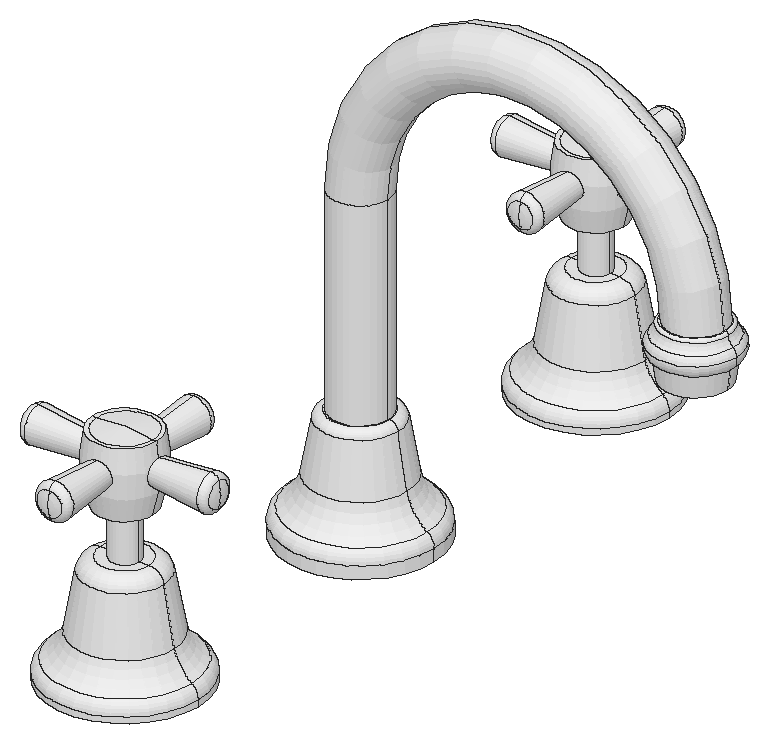
Revit family "Classic-cross-bsn-set-HWC-631240C5A", category Plumbing Fixtures, host Face, Revit 2015
Parameters
  Waste Connection = no
  Vent Connection = no
  URL = "https://www.caroma.com.au/"
  Model = "631240C5A"
  Material_Spout = GWA_Metal-Chrome
  Material_Handle = GWA_Metal-Chrome
  Manufacturer = "GWA Bathrooms & Kitchens"  # constant formula
  HW Connection = yes
  Description = "Classic-cross-bsn-set-HWC\r\nClassic-classic-cross-bsn-set-HWC\r\nClassic-classic-cross-bsn-set-HWC"
  Default Elevation = 900 mm
  CreatedBy_ANZRS = "GWA Bathrooms & Kitchens"  # constant formula
  CW Connection = yes
  Assembly Code = "C1030220"
Reference planes
  plane 1 "Center (Front/Back)": y = 0
  plane 2: z = 0
  plane 3 "Center (Left/Right)": x = 0
  plane 4 "Right": y = 100.027
  plane 5 "Left": y = -100
Forms (mm)
  Revolve 1, solid, material "GWA_Metal-Chrome" <- "Material_Spout"
    sketch origin (0, 0, 0) x (1, 0, 0) y (0, 0, 1)
      loop
        line (0, 38) -> (-9.983, 38)
        arc (-9.983, 38) -> (-11.911, 37.298) -> (-12.937, 35.521) r 3
        line (-12.937, 35.521) -> (-15.957, 18.395)
        arc (-15.957, 18.395) -> (-18.261, 12.66) -> (-22.682, 8.341) r 15
        arc (-22.682, 8.341) -> (-24.382, 6.528) -> (-25, 4.121) r 5
        line (-25, 4.121) -> (-25, 0) -> (0, 0) -> (0, 38)
      axis (0, 38) -> (0, 0)
    angle from 0 to 360
  Sweep 2, solid, material "GWA_Metal-Chrome" <- "Material_Spout"
    path origin (0, 0, 0) x (1, 0, 0) y (0, 0, 1)
      loop
        line (0, 38) -> (0, 104.975)
        arc (0, 104.975) -> (56.987, 161.962) -> (113.975, 104.975) r 56.987
    profile origin (0, 0, 71.487) x (-1, 0, 0) y (0, -1, 0)
      loop
        circle (0, 0) r 9.5
  Revolve 3, solid, material "GWA_Metal-Chrome" <- "Material_Spout"
    sketch origin (0, 0, 0) x (1, 0, 0) y (0, 0, 1)
      loop
        line (113.975, 104.975) -> (103.903, 104.975)
        arc (103.903, 104.975) -> (103.258, 104.739) -> (102.917, 104.144) r 1
        arc (102.917, 104.144) -> (102.345, 102.424) -> (101.287, 100.954) r 6
        arc (101.287, 100.954) -> (100.473, 99.812) -> (100.05, 98.474) r 4.5
        arc (100.05, 98.474) -> (100.157, 96.625) -> (101, 94.975) r 4.5
        line (101, 94.975) -> (102.169, 94.975) -> (103.237, 87.375) -> (113.975, 87.375) -> (113.975, 104.975)
      axis (113.975, 104.975) -> (113.975, 87.375)
    angle from 0 to 360
  Revolve 4, solid, material "GWA_Metal-Chrome" <- "Material_Handle"
    sketch origin (-299.999, 100.027, 0) x (-1, 0, 0) y (0, 0, 1)
      loop
        line (-299.999, 0) -> (-274.999, 0) -> (-274.999, 1.96)
        arc (-274.999, 1.96) -> (-275.601, 4.338) -> (-277.261, 6.143) r 5
        arc (-277.261, 6.143) -> (-281.105, 9.771) -> (-283.451, 14.506) r 15
        line (-283.451, 14.506) -> (-286.814, 32.872)
        arc (-286.814, 32.872) -> (-288.532, 35.823) -> (-291.738, 37) r 5.035
        line (-291.738, 37) -> (-299.999, 37) -> (-299.999, 0)
      axis (-299.999, 37) -> (-299.999, 0)
    angle from 0 to 360
  Extrusion 5, solid, material "GWA_Metal-Chrome" <- "Material_Handle"
    sketch origin (-299.999, 100, 0) x (1, 0, 0) y (0, 1, 0)
      loop
        circle (299.999, 0) r 4.75
    from 9.603 to 56.677
  Revolve 6, solid, material "GWA_Metal-Chrome" <- "Material_Handle"
    sketch origin (-299.999, 100.027, 0) x (-1, 0, 0) y (0, 0, 1)
      loop
        line (-299.999, 76.5) -> (-299.999, 52.8) -> (-290.499, 52.8)
        arc (-290.499, 52.8) -> (-288.062, 64.19) -> (-289.01, 75.8) r 40
        line (-289.01, 75.8) -> (-290.374, 75.8)
        arc (-290.374, 75.8) -> (-295.174, 76.325) -> (-299.999, 76.5) r 66.537
      axis (-299.999, 76.5) -> (-299.999, 52.8)
    angle from 0 to 360
  Revolve 7, solid, material "GWA_Metal-Chrome" <- "Material_Handle"
    sketch origin (-299.999, 100.027, 0) x (-1, 0, 0) y (0, 0, 1)
      loop
        line (-309.999, 71.091) -> (-329.28, 72.79)
        arc (-329.28, 72.79) -> (-330.91, 72.363) -> (-331.899, 70.999) r 2.5
        arc (-331.899, 70.999) -> (-332.349, 68.921) -> (-332.499, 66.799) r 15
        line (-332.499, 66.799) -> (-309.999, 66.799) -> (-309.999, 71.091)
      axis (-309.999, 66.799) -> (-332.499, 66.799)
    angle from 0 to 360
  Revolve 8, solid, material "GWA_Metal-Chrome" <- "Material_Handle"
    sketch origin (0, -100, 0) x (0, 1, 0) y (0, 0, 1)
      loop
        line (210, 71.091) -> (210, 66.799) -> (232.5, 66.799)
        arc (232.5, 66.799) -> (232.349, 68.921) -> (231.9, 70.999) r 15
        arc (231.9, 70.999) -> (230.911, 72.363) -> (229.281, 72.79) r 2.5
        line (229.281, 72.79) -> (210, 71.091)
      axis (210, 66.799) -> (232.5, 66.799)
    angle from 0 to 360
  Revolve 9, solid, material "GWA_Metal-Chrome" <- "Material_Handle"
    sketch origin (200, 100, 0) x (-1, 0, 0) y (0, 0, 1)
      loop
        line (210, 71.091) -> (210, 66.799) -> (232.5, 66.799)
        arc (232.5, 66.799) -> (232.349, 68.921) -> (231.9, 70.999) r 15
        arc (231.9, 70.999) -> (230.911, 72.363) -> (229.281, 72.79) r 2.5
        line (229.281, 72.79) -> (210, 71.091)
      axis (210, 66.799) -> (232.5, 66.799)
    angle from 0 to 360
  Revolve 10, solid, material "GWA_Metal-Chrome" <- "Material_Handle"
    sketch origin (0, 300, 0) x (0, -1, 0) y (0, 0, 1)
      loop
        line (210, 71.091) -> (210, 66.799) -> (232.5, 66.799)
        arc (232.5, 66.799) -> (232.349, 68.921) -> (231.9, 70.999) r 15
        arc (231.9, 70.999) -> (230.911, 72.363) -> (229.281, 72.79) r 2.5
        line (229.281, 72.79) -> (210, 71.091)
      axis (210, 66.799) -> (232.5, 66.799)
    angle from 0 to 360
  Revolve 11, solid, material "GWA_Metal-Chrome" <- "Material_Handle"
    sketch origin (-299.999, -99.973, 0) x (-1, 0, 0) y (0, 0, 1)
      loop
        line (-299.999, 0) -> (-274.999, 0) -> (-274.999, 1.96)
        arc (-274.999, 1.96) -> (-275.601, 4.338) -> (-277.261, 6.143) r 5
        arc (-277.261, 6.143) -> (-281.105, 9.771) -> (-283.451, 14.506) r 15
        line (-283.451, 14.506) -> (-286.814, 32.872)
        arc (-286.814, 32.872) -> (-288.532, 35.823) -> (-291.738, 37) r 5.035
        line (-291.738, 37) -> (-299.999, 37) -> (-299.999, 0)
      axis (-299.999, 37) -> (-299.999, 0)
    angle from 0 to 360
  Extrusion 12, solid, material "GWA_Metal-Chrome" <- "Material_Handle"
    sketch origin (-299.999, -100, 0) x (1, 0, 0) y (0, 1, 0)
      loop
        circle (299.999, 0) r 4.75
    from 9.603 to 56.677
  Revolve 13, solid, material "GWA_Metal-Chrome" <- "Material_Handle"
    sketch origin (-299.999, -99.973, 0) x (-1, 0, 0) y (0, 0, 1)
      loop
        line (-299.999, 76.5) -> (-299.999, 52.8) -> (-290.499, 52.8)
        arc (-290.499, 52.8) -> (-288.062, 64.19) -> (-289.01, 75.8) r 40
        line (-289.01, 75.8) -> (-290.374, 75.8)
        arc (-290.374, 75.8) -> (-295.174, 76.325) -> (-299.999, 76.5) r 66.537
      axis (-299.999, 76.5) -> (-299.999, 52.8)
    angle from 0 to 360
  Revolve 14, solid, material "GWA_Metal-Chrome" <- "Material_Handle"
    sketch origin (-299.999, -99.973, 0) x (-1, 0, 0) y (0, 0, 1)
      loop
        line (-309.999, 71.091) -> (-329.28, 72.79)
        arc (-329.28, 72.79) -> (-330.91, 72.363) -> (-331.899, 70.999) r 2.5
        arc (-331.899, 70.999) -> (-332.349, 68.921) -> (-332.499, 66.799) r 15
        line (-332.499, 66.799) -> (-309.999, 66.799) -> (-309.999, 71.091)
      axis (-309.999, 66.799) -> (-332.499, 66.799)
    angle from 0 to 360
  Revolve 15, solid, material "GWA_Metal-Chrome" <- "Material_Handle"
    sketch origin (0, -300, 0) x (0, 1, 0) y (0, 0, 1)
      loop
        line (210, 71.091) -> (210, 66.799) -> (232.5, 66.799)
        arc (232.5, 66.799) -> (232.349, 68.921) -> (231.9, 70.999) r 15
        arc (231.9, 70.999) -> (230.911, 72.363) -> (229.281, 72.79) r 2.5
        line (229.281, 72.79) -> (210, 71.091)
      axis (210, 66.799) -> (232.5, 66.799)
    angle from 0 to 360
  Revolve 16, solid, material "GWA_Metal-Chrome" <- "Material_Handle"
    sketch origin (200, -100, 0) x (-1, 0, 0) y (0, 0, 1)
      loop
        line (210, 71.091) -> (210, 66.799) -> (232.5, 66.799)
        arc (232.5, 66.799) -> (232.349, 68.921) -> (231.9, 70.999) r 15
        arc (231.9, 70.999) -> (230.911, 72.363) -> (229.281, 72.79) r 2.5
        line (229.281, 72.79) -> (210, 71.091)
      axis (210, 66.799) -> (232.5, 66.799)
    angle from 0 to 360
  Revolve 17, solid, material "GWA_Metal-Chrome" <- "Material_Handle"
    sketch origin (0, 100, 0) x (0, -1, 0) y (0, 0, 1)
      loop
        line (210, 71.091) -> (210, 66.799) -> (232.5, 66.799)
        arc (232.5, 66.799) -> (232.349, 68.921) -> (231.9, 70.999) r 15
        arc (231.9, 70.999) -> (230.911, 72.363) -> (229.281, 72.79) r 2.5
        line (229.281, 72.79) -> (210, 71.091)
      axis (210, 66.799) -> (232.5, 66.799)
    angle from 0 to 360
Lines and regions (mm)
  Masking region 1
    outline origin (0, 0, 0) x (1, 0, 0) y (0, 1, 0)
      loop
        arc (24.38, 105.559) -> (17.7, 117.683) -> (5.593, 124.394) r 25
        line (5.593, 124.394) -> (6.029, 129.273)
        arc (6.029, 129.273) -> (5.605, 130.904) -> (4.242, 131.895) r 2.5
        arc (4.242, 131.895) -> (0.043, 132.5) -> (-4.158, 131.906) r 15.001
        arc (-4.158, 131.906) -> (-5.523, 130.918) -> (-5.952, 129.289) r 2.5
        line (-5.952, 129.289) -> (-5.528, 124.408)
        arc (-5.528, 124.408) -> (-17.656, 117.727) -> (-24.367, 105.616) r 25
        line (-24.367, 105.616) -> (-29.267, 106.059)
        arc (-29.267, 106.059) -> (-30.899, 105.636) -> (-31.891, 104.275) r 2.5
        arc (-31.891, 104.275) -> (-32.501, 100.076) -> (-31.91, 95.874) r 15.001
        arc (-31.91, 95.874) -> (-30.924, 94.508) -> (-29.295, 94.078) r 2.5
        line (-29.295, 94.078) -> (-24.387, 94.499)
        arc (-24.387, 94.499) -> (-17.712, 82.358) -> (-5.597, 75.635) r 24.999
        line (-5.597, 75.635) -> (-6.036, 70.728)
        arc (-6.036, 70.728) -> (-5.613, 69.098) -> (-4.25, 68.106) r 2.5
        arc (-4.25, 68.106) -> (-0.051, 67.5) -> (4.15, 68.093) r 15.001
        arc (4.15, 68.093) -> (5.516, 69.081) -> (5.945, 70.71) r 2.5
        line (5.945, 70.71) -> (5.52, 75.618)
        arc (5.52, 75.618) -> (17.663, 82.309) -> (24.374, 94.442) r 24.999
        line (24.374, 94.442) -> (29.281, 94.01)
        arc (29.281, 94.01) -> (30.911, 94.436) -> (31.9, 95.8) r 2.5
        arc (31.9, 95.8) -> (32.5, 100) -> (31.9, 104.2) r 15.001
        arc (31.9, 104.2) -> (30.911, 105.564) -> (29.281, 105.991) r 2.5
        line (29.281, 105.991) -> (24.38, 105.559)
  Masking region 2
    outline origin (0, -200, 0) x (1, 0, 0) y (0, 1, 0)
      loop
        arc (24.38, 105.559) -> (17.7, 117.683) -> (5.593, 124.394) r 25
        line (5.593, 124.394) -> (6.029, 129.273)
        arc (6.029, 129.273) -> (5.605, 130.904) -> (4.242, 131.895) r 2.5
        arc (4.242, 131.895) -> (0.043, 132.5) -> (-4.158, 131.906) r 15.001
        arc (-4.158, 131.906) -> (-5.523, 130.918) -> (-5.952, 129.289) r 2.5
        line (-5.952, 129.289) -> (-5.528, 124.408)
        arc (-5.528, 124.408) -> (-17.656, 117.727) -> (-24.367, 105.616) r 25
        line (-24.367, 105.616) -> (-29.267, 106.059)
        arc (-29.267, 106.059) -> (-30.899, 105.636) -> (-31.891, 104.275) r 2.5
        arc (-31.891, 104.275) -> (-32.501, 100.076) -> (-31.91, 95.874) r 15.001
        arc (-31.91, 95.874) -> (-30.924, 94.508) -> (-29.295, 94.078) r 2.5
        line (-29.295, 94.078) -> (-24.387, 94.499)
        arc (-24.387, 94.499) -> (-17.712, 82.358) -> (-5.597, 75.635) r 24.999
        line (-5.597, 75.635) -> (-6.036, 70.728)
        arc (-6.036, 70.728) -> (-5.613, 69.098) -> (-4.25, 68.106) r 2.5
        arc (-4.25, 68.106) -> (-0.051, 67.5) -> (4.15, 68.093) r 15.001
        arc (4.15, 68.093) -> (5.516, 69.081) -> (5.945, 70.71) r 2.5
        line (5.945, 70.71) -> (5.52, 75.618)
        arc (5.52, 75.618) -> (17.663, 82.309) -> (24.374, 94.442) r 24.999
        line (24.374, 94.442) -> (29.281, 94.01)
        arc (29.281, 94.01) -> (30.911, 94.436) -> (31.9, 95.8) r 2.5
        arc (31.9, 95.8) -> (32.5, 100) -> (31.9, 104.2) r 15.001
        arc (31.9, 104.2) -> (30.911, 105.564) -> (29.281, 105.991) r 2.5
        line (29.281, 105.991) -> (24.38, 105.559)
  Masking region 3
    outline origin (0, 0, 0) x (1, 0, 0) y (0, 1, 0)
      loop
        line (103.717, 9.5) -> (23.125, 9.5)
        arc (23.125, 9.5) -> (-25, 0) -> (23.125, -9.5) r 25
        line (23.125, -9.5) -> (103.717, -9.5)
        arc (103.717, -9.5) -> (128, 0) -> (103.717, 9.5) r 14
  Masking region 4
    outline origin (0, 0, 0) x (0, 1, 0) y (0, 0, 1)
      loop
        arc (-90.374, 75.8) -> (-99.999, 76.5) -> (-109.624, 75.8) r 66.537
        line (-109.624, 75.8) -> (-110.99, 75.8)
        arc (-110.99, 75.8) -> (-111.446, 73.535) -> (-111.771, 71.247) r 40
        line (-111.771, 71.247) -> (-129.281, 72.79)
        arc (-129.281, 72.79) -> (-130.911, 72.363) -> (-131.901, 70.999) r 2.5
        arc (-131.901, 70.999) -> (-132.501, 66.799) -> (-131.901, 62.599) r 15
        arc (-131.901, 62.599) -> (-130.909, 61.234) -> (-129.276, 60.81) r 2.5
        line (-129.276, 60.81) -> (-111.776, 62.344)
        arc (-111.776, 62.344) -> (-110.932, 57.502) -> (-109.501, 52.8) r 40
        line (-109.501, 52.8) -> (-104.723, 52.8) -> (-104.723, 37) -> (-108.263, 37)
        arc (-108.263, 37) -> (-111.475, 35.831) -> (-113.186, 32.872) r 5
        line (-113.186, 32.872) -> (-116.549, 14.506)
        arc (-116.549, 14.506) -> (-118.896, 9.771) -> (-122.739, 6.143) r 15
        arc (-122.739, 6.143) -> (-124.399, 4.338) -> (-125.001, 1.96) r 5
        line (-125.001, 1.96) -> (-125.001, 0) -> (-74.999, 0) -> (-74.999, 1.96)
        arc (-74.999, 1.96) -> (-75.601, 4.338) -> (-77.261, 6.143) r 5
        arc (-77.261, 6.143) -> (-81.104, 9.771) -> (-83.451, 14.506) r 15
        line (-83.451, 14.506) -> (-86.814, 32.872)
        arc (-86.814, 32.872) -> (-88.525, 35.831) -> (-91.737, 37) r 5
        line (-91.737, 37) -> (-95.236, 37) -> (-95.236, 52.8) -> (-90.499, 52.8)
        arc (-90.499, 52.8) -> (-89.068, 57.502) -> (-88.224, 62.344) r 40
        line (-88.224, 62.344) -> (-70.724, 60.81)
        arc (-70.724, 60.81) -> (-69.091, 61.234) -> (-68.1, 62.599) r 2.5
        arc (-68.1, 62.599) -> (-67.499, 66.799) -> (-68.099, 70.999) r 15
        arc (-68.099, 70.999) -> (-69.089, 72.363) -> (-70.719, 72.79) r 2.5
        line (-70.719, 72.79) -> (-88.229, 71.247)
        arc (-88.229, 71.247) -> (-88.554, 73.535) -> (-89.01, 75.8) r 40
        line (-89.01, 75.8) -> (-90.374, 75.8)
  Masking region 5
    outline origin (0, 200, 0) x (0, 1, 0) y (0, 0, 1)
      loop
        arc (-90.374, 75.8) -> (-99.999, 76.5) -> (-109.624, 75.8) r 66.537
        line (-109.624, 75.8) -> (-110.99, 75.8)
        arc (-110.99, 75.8) -> (-111.446, 73.535) -> (-111.771, 71.247) r 40
        line (-111.771, 71.247) -> (-129.281, 72.79)
        arc (-129.281, 72.79) -> (-130.911, 72.363) -> (-131.901, 70.999) r 2.5
        arc (-131.901, 70.999) -> (-132.501, 66.799) -> (-131.901, 62.599) r 15
        arc (-131.901, 62.599) -> (-130.909, 61.234) -> (-129.276, 60.81) r 2.5
        line (-129.276, 60.81) -> (-111.776, 62.344)
        arc (-111.776, 62.344) -> (-110.932, 57.502) -> (-109.501, 52.8) r 40
        line (-109.501, 52.8) -> (-104.723, 52.8) -> (-104.723, 37) -> (-108.263, 37)
        arc (-108.263, 37) -> (-111.475, 35.831) -> (-113.186, 32.872) r 5
        line (-113.186, 32.872) -> (-116.549, 14.506)
        arc (-116.549, 14.506) -> (-118.896, 9.771) -> (-122.739, 6.143) r 15
        arc (-122.739, 6.143) -> (-124.399, 4.338) -> (-125.001, 1.96) r 5
        line (-125.001, 1.96) -> (-125.001, 0) -> (-74.999, 0) -> (-74.999, 1.96)
        arc (-74.999, 1.96) -> (-75.601, 4.338) -> (-77.261, 6.143) r 5
        arc (-77.261, 6.143) -> (-81.104, 9.771) -> (-83.451, 14.506) r 15
        line (-83.451, 14.506) -> (-86.814, 32.872)
        arc (-86.814, 32.872) -> (-88.525, 35.831) -> (-91.737, 37) r 5
        line (-91.737, 37) -> (-95.236, 37) -> (-95.236, 52.8) -> (-90.499, 52.8)
        arc (-90.499, 52.8) -> (-89.068, 57.502) -> (-88.224, 62.344) r 40
        line (-88.224, 62.344) -> (-70.724, 60.81)
        arc (-70.724, 60.81) -> (-69.091, 61.234) -> (-68.1, 62.599) r 2.5
        arc (-68.1, 62.599) -> (-67.499, 66.799) -> (-68.099, 70.999) r 15
        arc (-68.099, 70.999) -> (-69.089, 72.363) -> (-70.719, 72.79) r 2.5
        line (-70.719, 72.79) -> (-88.229, 71.247)
        arc (-88.229, 71.247) -> (-88.554, 73.535) -> (-89.01, 75.8) r 40
        line (-89.01, 75.8) -> (-90.374, 75.8)
  Masking region 6
    outline origin (0, 0, 0) x (0, 1, 0) y (0, 0, 1)
      loop
        line (-9.475, 104.975) -> (9.525, 104.975) -> (9.525, 162.012)
        arc (9.525, 162.012) -> (0.025, 171.512) -> (-9.475, 162.012) r 9.5
        line (-9.475, 162.012) -> (-9.475, 104.975)
  Masking region 7
    outline origin (0, 0, 0) x (0, 1, 0) y (0, 0, 1)
      loop
        arc (-10.072, 104.975) -> (-10.723, 104.734) -> (-11.06, 104.128) r 1
        arc (-11.06, 104.128) -> (-11.617, 102.409) -> (-12.685, 100.951) r 5.698
        arc (-12.685, 100.951) -> (-13.646, 99.508) -> (-13.957, 97.803) r 4.287
        arc (-13.957, 97.803) -> (-13.685, 96.311) -> (-12.967, 94.975) r 4.859
        line (-12.967, 94.975) -> (-11.806, 94.975) -> (-10.738, 87.375) -> (0, 87.375) -> (10.788, 87.375) -> (11.856, 94.975) -> (13.017, 94.975)
        arc (13.017, 94.975) -> (13.735, 96.311) -> (14.007, 97.803) r 4.859
        arc (14.007, 97.803) -> (13.696, 99.508) -> (12.735, 100.951) r 4.287
        arc (12.735, 100.951) -> (11.667, 102.409) -> (11.11, 104.128) r 5.698
        arc (11.11, 104.128) -> (10.773, 104.734) -> (10.122, 104.975) r 1
        line (10.122, 104.975) -> (-10.072, 104.975)
  Masking region 8
    outline origin (0, 0, 0) x (0, 1, 0) y (0, 0, 1)
      loop
        line (-9.525, 87.375) -> (-9.525, 38) -> (9.5, 38) -> (9.5, 87.375) -> (-9.525, 87.375)
  Masking region 9
    outline origin (0, 0, 0) x (0, 1, 0) y (0, 0, 1)
      loop
        arc (-9.983, 38) -> (-11.911, 37.298) -> (-12.937, 35.521) r 3
        line (-12.937, 35.521) -> (-15.957, 18.395)
        arc (-15.957, 18.395) -> (-18.261, 12.66) -> (-22.682, 8.341) r 15
        arc (-22.682, 8.341) -> (-24.382, 6.528) -> (-25, 4.121) r 5
        line (-25, 4.121) -> (-25, 0) -> (25, 0) -> (25, 4.121)
        arc (25, 4.121) -> (24.382, 6.528) -> (22.682, 8.341) r 5
        arc (22.682, 8.341) -> (18.261, 12.66) -> (15.957, 18.395) r 15
        line (15.957, 18.395) -> (12.937, 35.521)
        arc (12.937, 35.521) -> (11.911, 37.298) -> (9.983, 38) r 3
        line (9.983, 38) -> (-9.983, 38)
  Masking region 10
    outline origin (146.597, 0, 0) x (1, 0, 0) y (0, 0, 1)
      loop
        line (-156.072, 105.025) -> (-156.094, 75.8) -> (-137.072, 75.8) -> (-137.072, 104.975)
        arc (-137.072, 104.975) -> (-89.597, 152.45) -> (-42.122, 104.975) r 47.475
        line (-42.122, 104.975) -> (-23.122, 104.975)
        arc (-23.122, 104.975) -> (-89.572, 171.45) -> (-156.072, 105.025) r 66.475
  Masking region 11
    outline origin (146.597, 0, 0) x (1, 0, 0) y (0, 0, 1)
      loop
        line (-21.834, 87.375) -> (-20.766, 94.975) -> (-19.612, 94.975)
        arc (-19.612, 94.975) -> (-18.861, 96.302) -> (-18.597, 97.803) r 4.5
        arc (-18.597, 97.803) -> (-18.931, 99.505) -> (-19.884, 100.954) r 4.5
        arc (-19.884, 100.954) -> (-20.943, 102.424) -> (-21.514, 104.144) r 6
        arc (-21.514, 104.144) -> (-21.855, 104.739) -> (-22.5, 104.975) r 1
        line (-22.5, 104.975) -> (-42.695, 104.975)
        arc (-42.695, 104.975) -> (-43.339, 104.739) -> (-43.68, 104.144) r 1
        arc (-43.68, 104.144) -> (-44.252, 102.424) -> (-45.31, 100.954) r 6
        arc (-45.31, 100.954) -> (-46.263, 99.505) -> (-46.597, 97.803) r 4.5
        arc (-46.597, 97.803) -> (-46.333, 96.302) -> (-45.583, 94.975) r 4.5
        line (-45.583, 94.975) -> (-44.428, 94.975) -> (-43.36, 87.375) -> (-21.834, 87.375)
  Masking region 12
    outline origin (-153.403, 0, 0) x (1, 0, 0) y (0, 0, 1)
      loop
        arc (142.413, 75.8) -> (141.957, 73.535) -> (141.632, 71.247) r 40
        line (141.632, 71.247) -> (124.121, 72.79)
        arc (124.121, 72.79) -> (122.491, 72.363) -> (121.502, 70.999) r 2.5
        arc (121.502, 70.999) -> (121.053, 68.921) -> (120.902, 66.799) r 15
        arc (120.902, 66.799) -> (121.053, 64.678) -> (121.502, 62.599) r 15
        arc (121.502, 62.599) -> (122.491, 61.235) -> (124.121, 60.809) r 2.5
        line (124.121, 60.809) -> (141.627, 62.351)
        arc (141.627, 62.351) -> (142.47, 57.506) -> (143.902, 52.8) r 40
        line (143.902, 52.8) -> (148.652, 52.8) -> (148.652, 37) -> (145.141, 37)
        arc (145.141, 37) -> (141.928, 35.831) -> (140.217, 32.872) r 5
        line (140.217, 32.872) -> (136.854, 14.506)
        arc (136.854, 14.506) -> (134.507, 9.771) -> (130.664, 6.143) r 15
        arc (130.664, 6.143) -> (129.004, 4.338) -> (128.402, 1.96) r 5
        line (128.402, 1.96) -> (128.402, 0) -> (178.403, 0) -> (178.403, 1.96)
        arc (178.403, 1.96) -> (177.801, 4.338) -> (176.141, 6.143) r 5
        arc (176.141, 6.143) -> (172.298, 9.771) -> (169.951, 14.506) r 15
        line (169.951, 14.506) -> (166.588, 32.872)
        arc (166.588, 32.872) -> (164.877, 35.831) -> (161.665, 37) r 5
        line (161.665, 37) -> (158.152, 37) -> (158.152, 52.8) -> (162.904, 52.8)
        arc (162.904, 52.8) -> (164.336, 57.506) -> (165.179, 62.352) r 40
        line (165.179, 62.352) -> (182.684, 60.809)
        arc (182.684, 60.809) -> (184.314, 61.235) -> (185.303, 62.599) r 2.5
        arc (185.303, 62.599) -> (185.753, 64.678) -> (185.903, 66.799) r 15
        arc (185.903, 66.799) -> (185.753, 68.921) -> (185.303, 70.999) r 15
        arc (185.303, 70.999) -> (184.314, 72.363) -> (182.684, 72.79) r 2.5
        line (182.684, 72.79) -> (165.173, 71.247)
        arc (165.173, 71.247) -> (164.849, 73.535) -> (164.393, 75.8) r 40
        arc (164.393, 75.8) -> (153.403, 76.5) -> (142.413, 75.8) r 86.637
  Masking region 13
    outline origin (0, 0, 0) x (1, 0, 0) y (0, 0, 1)
      loop
        line (9.501, 52.8) -> (-9.525, 52.8) -> (-9.525, 38) -> (9.501, 38) -> (9.501, 52.8)
  Masking region 14
    outline origin (0, 0, 0) x (1, 0, 0) y (0, 0, 1)
      loop
        line (-4.75, 37) -> (-4.75, 38) -> (-9.983, 38)
        arc (-9.983, 38) -> (-11.911, 37.298) -> (-12.937, 35.521) r 3
        line (-12.937, 35.521) -> (-15.957, 18.395)
        arc (-15.957, 18.395) -> (-18.261, 12.66) -> (-22.682, 8.341) r 15
        arc (-22.682, 8.341) -> (-24.382, 6.528) -> (-25, 4.121) r 5
        line (-25, 4.121) -> (-25, 1.902)
        arc (-25, 1.902) -> (-24.412, 4.312) -> (-22.738, 6.143) r 5
        arc (-22.738, 6.143) -> (-18.895, 9.771) -> (-16.549, 14.506) r 15
        line (-16.549, 14.506) -> (-13.186, 32.872)
        arc (-13.186, 32.872) -> (-11.475, 35.831) -> (-8.262, 37) r 5
        line (-8.262, 37) -> (-4.75, 37)
  Masking region 15
    outline origin (0, 0, 0) x (-1, 0, 0) y (0, 0, 1)
      loop
        line (-4.75, 37) -> (-4.75, 38) -> (-9.983, 38)
        arc (-9.983, 38) -> (-11.911, 37.298) -> (-12.937, 35.521) r 3
        line (-12.937, 35.521) -> (-15.957, 18.395)
        arc (-15.957, 18.395) -> (-18.261, 12.66) -> (-22.682, 8.341) r 15
        arc (-22.682, 8.341) -> (-24.382, 6.528) -> (-25, 4.121) r 5
        line (-25, 4.121) -> (-25, 1.902)
        arc (-25, 1.902) -> (-24.412, 4.312) -> (-22.738, 6.143) r 5
        arc (-22.738, 6.143) -> (-18.895, 9.771) -> (-16.549, 14.506) r 15
        line (-16.549, 14.506) -> (-13.186, 32.872)
        arc (-13.186, 32.872) -> (-11.475, 35.831) -> (-8.262, 37) r 5
        line (-8.262, 37) -> (-4.75, 37)
  symbolic lines
    curve 1: arc (12.821, -9.5, 0) -> (-15.957, 0, 0) -> (12.821, 9.5, 0) r 15.957
    curve 2: arc (20.597, 9.5, 0) -> (-22.682, 0, 0) -> (20.597, -9.5, 0) r 22.682
    curve 3: arc (23.125, 9.5, 0) -> (-25, 0, 0) -> (23.125, -9.5, 0) r 25
    curve 4: arc (0, 9.5, 0) -> (-9.5, 0, 0) -> (0, -9.5, 0) r 9.5
    curve 5: arc (113.31, 9.5, 0) -> (123.525, 0, 0) -> (113.311, -9.5, 0) r 9.525
    curve 6: arc (105.552, 9.5, 0) -> (126.713, 0, 0) -> (105.552, -9.5, 0) r 12.713
    curve 7: arc (103.717, 9.5, 0) -> (128, 0, 0) -> (103.717, -9.5, 0) r 14
    curve 8: line (113.311, -9.5, 0) -> (0, -9.5, 0)
    curve 9: line (0, 9.5, 0) -> (113.31, 9.5, 0)
    curve 10: circle (-0.001, 100, 0) r 9.625 normal (0, 0, 1)
    curve 11: circle (-0.001, 100, 0) r 10.989 normal (0, 0, 1)
    curve 12: circle (-0.001, 100, 0) r 11.937 normal (0, 0, 1)
    curve 13: arc (-4.486, 112.399, 0) -> (-9.307, 109.341, 0) -> (-12.383, 104.532, 0) r 13.186
    curve 14: arc (-5.328, 122.104, 0) -> (-16.048, 116.107, 0) -> (-22.085, 105.409, 0) r 22.737
    curve 15: arc (-5.526, 124.381, 0) -> (-17.645, 117.71, 0) -> (-24.361, 105.615, 0) r 24.999
    curve 16: line (11.101, 104.389, 0) -> (29.281, 105.991, 0)
    curve 17: arc (31.9, 104.2, 0) -> (32.5, 100, 0) -> (31.9, 95.8, 0) r 15.001
    curve 18: arc (29.281, 105.991, 0) -> (30.911, 105.564, 0) -> (31.9, 104.2, 0) r 2.5
    curve 19: arc (29.281, 94.01, 0) -> (30.911, 94.436, 0) -> (31.9, 95.8, 0) r 2.5
    curve 20: line (29.281, 94.01, 0) -> (11.101, 95.611, 0)
    curve 21: line (-4.374, 111.107, 0) -> (-5.952, 129.289, 0)
    curve 22: arc (-4.158, 131.906, 0) -> (0.043, 132.5, 0) -> (4.242, 131.895, 0) r 15.001
    curve 23: arc (-5.952, 129.289, 0) -> (-5.523, 130.918, 0) -> (-4.158, 131.906, 0) r 2.5
    curve 24: arc (6.029, 129.273, 0) -> (5.605, 130.904, 0) -> (4.242, 131.895, 0) r 2.5
    curve 25: line (6.029, 129.273, 0) -> (4.404, 111.095, 0)
    curve 26: line (4.371, 88.892, 0) -> (5.945, 70.71, 0)
    curve 27: arc (4.15, 68.093, 0) -> (-0.051, 67.5, 0) -> (-4.25, 68.106, 0) r 15.001
    curve 28: arc (5.945, 70.71, 0) -> (5.516, 69.081, 0) -> (4.15, 68.093, 0) r 2.5
    curve 29: arc (-6.036, 70.728, 0) -> (-5.613, 69.098, 0) -> (-4.25, 68.106, 0) r 2.5
    curve 30: line (-6.036, 70.728, 0) -> (-4.407, 88.906, 0)
    curve 31: arc (-12.404, 95.527, 0) -> (-9.342, 90.695, 0) -> (-4.523, 87.614, 0) r 13.186
    curve 32: arc (12.393, 104.503, 0) -> (9.33, 109.318, 0) -> (4.519, 112.387, 0) r 13.186
    curve 33: arc (4.482, 87.6, 0) -> (9.316, 90.669, 0) -> (12.393, 95.497, 0) r 13.186
    curve 34: line (-11.112, 95.638, 0) -> (-29.295, 94.078, 0)
    curve 35: arc (-31.91, 95.874, 0) -> (-32.501, 100.076, 0) -> (-31.891, 104.275, 0) r 15.001
    curve 36: arc (-29.295, 94.078, 0) -> (-30.924, 94.508, 0) -> (-31.91, 95.874, 0) r 2.5
    curve 37: arc (-29.267, 106.059, 0) -> (-30.899, 105.636, 0) -> (-31.891, 104.275, 0) r 2.5
    curve 38: line (-29.267, 106.059, 0) -> (-11.091, 104.415, 0)
    curve 39: arc (24.374, 105.558, 0) -> (17.689, 117.666, 0) -> (5.59, 124.367, 0) r 24.999
    curve 40: arc (22.097, 105.358, 0) -> (16.088, 116.067, 0) -> (5.387, 122.09, 0) r 22.737
    curve 41: arc (5.323, 77.895, 0) -> (16.065, 83.91, 0) -> (22.097, 94.642, 0) r 22.737
    curve 42: arc (5.52, 75.618, 0) -> (17.663, 82.309, 0) -> (24.374, 94.442, 0) r 24.999
    curve 43: arc (-24.387, 94.499, 0) -> (-17.712, 82.358, 0) -> (-5.597, 75.635, 0) r 24.999
    curve 44: arc (-22.11, 94.694, 0) -> (-16.109, 83.954, 0) -> (-5.393, 77.912, 0) r 22.737
    curve 45: circle (-0.001, -100, 0) r 9.625 normal (0, 0, 1)
    curve 46: circle (-0.001, -100, 0) r 10.989 normal (0, 0, 1)
    curve 47: circle (-0.001, -100, 0) r 11.937 normal (0, 0, 1)
    curve 48: arc (-4.486, -87.601, 0) -> (-9.307, -90.659, 0) -> (-12.383, -95.468, 0) r 13.186
    curve 49: arc (-5.328, -77.896, 0) -> (-16.048, -83.893, 0) -> (-22.085, -94.591, 0) r 22.737
    curve 50: arc (-5.526, -75.619, 0) -> (-17.645, -82.29, 0) -> (-24.361, -94.385, 0) r 24.999
    curve 51: line (11.101, -95.611, 0) -> (29.281, -94.009, 0)
    curve 52: arc (31.9, -95.8, 0) -> (32.5, -100, 0) -> (31.9, -104.2, 0) r 15.001
    curve 53: arc (29.281, -94.009, 0) -> (30.911, -94.436, 0) -> (31.9, -95.8, 0) r 2.5
    curve 54: arc (29.281, -105.99, 0) -> (30.911, -105.564, 0) -> (31.9, -104.2, 0) r 2.5
    curve 55: line (29.281, -105.99, 0) -> (11.101, -104.389, 0)
    curve 56: line (-4.374, -88.893, 0) -> (-5.952, -70.711, 0)
    curve 57: arc (-4.158, -68.094, 0) -> (0.043, -67.5, 0) -> (4.242, -68.105, 0) r 15.001
    curve 58: arc (-5.952, -70.711, 0) -> (-5.523, -69.082, 0) -> (-4.158, -68.094, 0) r 2.5
    curve 59: arc (6.029, -70.727, 0) -> (5.605, -69.096, 0) -> (4.242, -68.105, 0) r 2.5
    curve 60: line (6.029, -70.727, 0) -> (4.404, -88.905, 0)
    curve 61: line (4.371, -111.108, 0) -> (5.945, -129.29, 0)
    curve 62: arc (4.15, -131.907, 0) -> (-0.051, -132.5, 0) -> (-4.25, -131.894, 0) r 15.001
    curve 63: arc (5.945, -129.29, 0) -> (5.516, -130.919, 0) -> (4.15, -131.907, 0) r 2.5
    curve 64: arc (-6.036, -129.272, 0) -> (-5.613, -130.902, 0) -> (-4.25, -131.894, 0) r 2.5
    curve 65: line (-6.036, -129.272, 0) -> (-4.407, -111.094, 0)
    curve 66: arc (-12.404, -104.473, 0) -> (-9.342, -109.305, 0) -> (-4.523, -112.386, 0) r 13.186
    curve 67: arc (12.393, -95.497, 0) -> (9.33, -90.682, 0) -> (4.519, -87.613, 0) r 13.186
    curve 68: arc (4.482, -112.4, 0) -> (9.316, -109.331, 0) -> (12.393, -104.503, 0) r 13.186
    curve 69: line (-11.112, -104.362, 0) -> (-29.295, -105.922, 0)
    curve 70: arc (-31.91, -104.126, 0) -> (-32.501, -99.924, 0) -> (-31.891, -95.725, 0) r 15.001
    curve 71: arc (-29.295, -105.922, 0) -> (-30.924, -105.492, 0) -> (-31.91, -104.126, 0) r 2.5
    curve 72: arc (-29.267, -93.941, 0) -> (-30.899, -94.364, 0) -> (-31.891, -95.725, 0) r 2.5
    curve 73: line (-29.267, -93.941, 0) -> (-11.091, -95.585, 0)
    curve 74: arc (24.374, -94.442, 0) -> (17.689, -82.334, 0) -> (5.59, -75.633, 0) r 24.999
    curve 75: arc (22.097, -94.642, 0) -> (16.088, -83.933, 0) -> (5.387, -77.91, 0) r 22.737
    curve 76: arc (5.323, -122.105, 0) -> (16.065, -116.09, 0) -> (22.097, -105.358, 0) r 22.737
    curve 77: arc (5.52, -124.382, 0) -> (17.663, -117.691, 0) -> (24.374, -105.558, 0) r 24.999
    curve 78: arc (-24.387, -105.501, 0) -> (-17.712, -117.642, 0) -> (-5.597, -124.365, 0) r 24.999
    curve 79: arc (-22.11, -105.306, 0) -> (-16.109, -116.046, 0) -> (-5.393, -122.088, 0) r 22.737
    curve 80: line (0, -10.738, 87.375) -> (0, 10.788, 87.375)
    curve 81: line (0, 10.122, 104.975) -> (0, -10.072, 104.975)
    curve 82: arc (0, -11.06, 104.128) -> (0, -11.617, 102.409) -> (0, -12.685, 100.951) r 5.698
    curve 83: arc (0, -12.685, 100.951) -> (0, -13.646, 99.508) -> (0, -13.957, 97.803) r 4.287
    curve 84: arc (0, -13.957, 97.803) -> (0, -13.685, 96.311) -> (0, -12.967, 94.975) r 4.859
    curve 85: line (0, -11.806, 94.975) -> (0, -12.967, 94.975)
    curve 86: line (0, -11.806, 94.975) -> (0, -10.738, 87.375)
    curve 87: arc (0, -11.06, 104.128) -> (0, -10.723, 104.734) -> (0, -10.072, 104.975) r 1
    curve 88: arc (0, 11.11, 104.128) -> (0, 11.667, 102.409) -> (0, 12.735, 100.951) r 5.698
    curve 89: arc (0, 12.735, 100.951) -> (0, 13.696, 99.508) -> (0, 14.007, 97.803) r 4.287
    curve 90: arc (0, 14.007, 97.803) -> (0, 13.735, 96.311) -> (0, 13.017, 94.975) r 4.859
    curve 91: line (0, 11.856, 94.975) -> (0, 13.017, 94.975)
    curve 92: line (0, 11.856, 94.975) -> (0, 10.788, 87.375)
    curve 93: arc (0, 11.11, 104.128) -> (0, 10.773, 104.734) -> (0, 10.122, 104.975) r 1
    curve 94: line (0, -88.229, 71.247) -> (0, -70.719, 72.79)
    curve 95: arc (0, -68.099, 70.999) -> (0, -69.089, 72.363) -> (0, -70.719, 72.79) r 2.5
    curve 96: arc (0, -68.099, 62.599) -> (0, -67.499, 66.799) -> (0, -68.099, 70.999) r 15
    curve 97: line (0, -70.724, 60.81) -> (0, -88.224, 62.344)
    curve 98: arc (0, -89.01, 75.8) -> (0, -88.554, 73.535) -> (0, -88.229, 71.247) r 40
    curve 99: arc (0, -90.374, 75.8) -> (0, -99.999, 76.5) -> (0, -109.624, 75.8) r 66.537
    curve 100: line (0, -90.499, 52.8) -> (0, -109.501, 52.8)
    curve 101: circle (0, -99.973, 66.799) r 4.292 normal (1, 0, 0)
    curve 102: circle (0, -99.973, 66.799) r 5.963 normal (1, 0, 0)
    curve 103: line (0, -95.236, 52.8) -> (0, -95.236, 37)
    curve 104: line (0, -104.723, 52.8) -> (0, -104.723, 37)
    curve 105: line (0, -91.737, 37) -> (0, -108.263, 37)
    curve 106: arc (0, -91.737, 37) -> (0, -88.525, 35.831) -> (0, -86.814, 32.872) r 5
    curve 107: line (0, -83.451, 14.506) -> (0, -86.814, 32.872)
    curve 108: arc (0, -77.261, 6.143) -> (0, -81.104, 9.771) -> (0, -83.451, 14.506) r 15
    curve 109: arc (0, -77.261, 6.143) -> (0, -75.601, 4.338) -> (0, -74.999, 1.96) r 5
    curve 110: line (0, -74.999, 0) -> (0, -74.999, 1.96)
    curve 111: line (0, -74.999, 0) -> (0, -125.001, 0)
    curve 112: arc (0, -108.263, 37) -> (0, -111.475, 35.831) -> (0, -113.186, 32.872) r 5
    curve 113: line (0, -116.549, 14.506) -> (0, -113.186, 32.872)
    curve 114: arc (0, -122.739, 6.143) -> (0, -118.896, 9.771) -> (0, -116.549, 14.506) r 15
    curve 115: arc (0, -122.739, 6.143) -> (0, -124.399, 4.338) -> (0, -125.001, 1.96) r 5
    curve 116: line (0, -125.001, 1.96) -> (0, -125.001, 0)
    curve 117: arc (0, -68.1, 62.599) -> (0, -69.091, 61.234) -> (0, -70.724, 60.81) r 2.5
    curve 118: arc (0, -88.224, 62.344) -> (0, -89.068, 57.502) -> (0, -90.499, 52.8) r 40
    curve 119: line (0, -111.771, 71.247) -> (0, -129.281, 72.79)
    curve 120: arc (0, -131.901, 70.999) -> (0, -130.911, 72.363) -> (0, -129.281, 72.79) r 2.5
    curve 121: arc (0, -131.901, 62.599) -> (0, -132.501, 66.799) -> (0, -131.901, 70.999) r 15
    curve 122: line (0, -129.276, 60.81) -> (0, -111.776, 62.344)
    curve 123: arc (0, -131.9, 62.599) -> (0, -130.909, 61.234) -> (0, -129.276, 60.81) r 2.5
    curve 124: arc (0, -110.99, 75.8) -> (0, -111.446, 73.535) -> (0, -111.771, 71.247) r 40
    curve 125: arc (0, -111.776, 62.344) -> (0, -110.932, 57.502) -> (0, -109.501, 52.8) r 40
    curve 126: line (0, -110.99, 75.8) -> (0, -89.01, 75.8)
    curve 127: arc (0, -88.229, 71.247) -> (0, -89.999, 66.795) -> (0, -88.224, 62.344) r 6.476
    curve 128: arc (0, -111.771, 71.247) -> (0, -110.001, 66.795) -> (0, -111.776, 62.344) r 6.476
    curve 129: line (0, 111.771, 71.247) -> (0, 129.281, 72.79)
    curve 130: arc (0, 131.901, 70.999) -> (0, 130.911, 72.363) -> (0, 129.281, 72.79) r 2.5
    curve 131: arc (0, 131.901, 62.599) -> (0, 132.501, 66.799) -> (0, 131.901, 70.999) r 15
    curve 132: line (0, 129.276, 60.81) -> (0, 111.776, 62.344)
    curve 133: arc (0, 110.99, 75.8) -> (0, 111.446, 73.535) -> (0, 111.771, 71.247) r 40
    curve 134: arc (0, 109.626, 75.8) -> (0, 100.001, 76.5) -> (0, 90.376, 75.8) r 66.537
    curve 135: line (0, 109.501, 52.8) -> (0, 90.499, 52.8)
    curve 136: circle (0, 100.027, 66.799) r 4.292 normal (1, 0, 0)
    curve 137: circle (0, 100.027, 66.799) r 5.963 normal (1, 0, 0)
    curve 138: line (0, 104.764, 52.8) -> (0, 104.764, 37)
    curve 139: line (0, 95.277, 52.8) -> (0, 95.277, 37)
    curve 140: line (0, 108.263, 37) -> (0, 91.737, 37)
    curve 141: arc (0, 108.263, 37) -> (0, 111.475, 35.831) -> (0, 113.186, 32.872) r 5
    curve 142: line (0, 116.549, 14.506) -> (0, 113.186, 32.872)
    curve 143: arc (0, 122.739, 6.143) -> (0, 118.896, 9.771) -> (0, 116.549, 14.506) r 15
    curve 144: arc (0, 122.739, 6.143) -> (0, 124.399, 4.338) -> (0, 125.001, 1.96) r 5
    curve 145: line (0, 125.001, 0) -> (0, 125.001, 1.96)
    curve 146: line (0, 125.001, 0) -> (0, 74.999, 0)
    curve 147: arc (0, 91.737, 37) -> (0, 88.525, 35.831) -> (0, 86.814, 32.872) r 5
    curve 148: line (0, 83.451, 14.506) -> (0, 86.814, 32.872)
    curve 149: arc (0, 77.261, 6.143) -> (0, 81.104, 9.771) -> (0, 83.451, 14.506) r 15
    curve 150: arc (0, 77.261, 6.143) -> (0, 75.601, 4.338) -> (0, 74.999, 1.96) r 5
    curve 151: line (0, 74.999, 1.96) -> (0, 74.999, 0)
    curve 152: arc (0, 131.9, 62.599) -> (0, 130.909, 61.234) -> (0, 129.276, 60.81) r 2.5
    curve 153: arc (0, 111.776, 62.344) -> (0, 110.932, 57.502) -> (0, 109.501, 52.8) r 40
    curve 154: line (0, 88.229, 71.247) -> (0, 70.719, 72.79)
    curve 155: arc (0, 68.099, 70.999) -> (0, 69.089, 72.363) -> (0, 70.719, 72.79) r 2.5
    curve 156: arc (0, 68.099, 62.599) -> (0, 67.499, 66.799) -> (0, 68.099, 70.999) r 15
    curve 157: line (0, 70.724, 60.81) -> (0, 88.224, 62.344)
    curve 158: arc (0, 68.1, 62.599) -> (0, 69.091, 61.234) -> (0, 70.724, 60.81) r 2.5
    curve 159: arc (0, 89.01, 75.8) -> (0, 88.554, 73.535) -> (0, 88.229, 71.247) r 40
    curve 160: arc (0, 88.224, 62.344) -> (0, 89.068, 57.502) -> (0, 90.499, 52.8) r 40
    curve 161: line (0, 89.01, 75.8) -> (0, 110.99, 75.8)
    curve 162: arc (0, 111.771, 71.247) -> (0, 110.001, 66.795) -> (0, 111.776, 62.344) r 6.476
    curve 163: arc (0, 88.229, 71.247) -> (0, 89.999, 66.795) -> (0, 88.224, 62.344) r 6.476
    curve 164: line (0, -9.983, 38) -> (0, 9.983, 38)
    curve 165: arc (0, 9.983, 38) -> (0, 11.911, 37.298) -> (0, 12.937, 35.521) r 3
    curve 166: line (0, 12.937, 35.521) -> (0, 15.957, 18.395)
    curve 167: arc (0, 22.682, 8.341) -> (0, 18.261, 12.66) -> (0, 15.957, 18.395) r 15
    curve 168: arc (0, 22.682, 8.341) -> (0, 24.382, 6.528) -> (0, 25, 4.121) r 5
    curve 169: line (0, 25, 4.121) -> (0, 25, 0)
    curve 170: line (0, 25, 0) -> (0, -25, 0)
    curve 171: arc (0, -9.983, 38) -> (0, -11.911, 37.298) -> (0, -12.937, 35.521) r 3
    curve 172: line (0, -12.937, 35.521) -> (0, -15.957, 18.395)
    curve 173: arc (0, -22.682, 8.341) -> (0, -18.261, 12.66) -> (0, -15.957, 18.395) r 15
    curve 174: arc (0, -22.682, 8.341) -> (0, -24.382, 6.528) -> (0, -25, 4.121) r 5
    curve 175: line (0, -25, 4.121) -> (0, -25, 0)
    curve 176: line (0, -9.525, 38) -> (0, -9.525, 87.375)
    curve 177: line (0, 9.525, 38) -> (0, 9.525, 87.375)
    curve 178: line (0, 9.525, 104.975) -> (0, 9.525, 162.012)
    curve 179: line (0, -9.475, 104.975) -> (0, -9.475, 162.012)
    curve 180: arc (0, -9.475, 162.012) -> (0, 0.025, 171.512) -> (0, 9.525, 162.012) r 9.5
    curve 181: arc (9.525, 0, 104.975) -> (57, 0, 152.45) -> (104.475, 0, 104.975) r 47.475
    curve 182: line (9.525, 0, 38) -> (9.525, 0, 52.864)
    curve 183: line (9.983, 0, 38) -> (4.75, 0, 38)
    curve 184: line (12.937, 0, 35.521) -> (15.957, 0, 18.395)
    curve 185: arc (15.957, 0, 18.395) -> (18.261, 0, 12.66) -> (22.682, 0, 8.341) r 15
    curve 186: arc (22.682, 0, 8.341) -> (24.382, 0, 6.528) -> (25, 0, 4.121) r 5
    curve 187: line (25, 0, 4.121) -> (25, 0, 0)
    curve 188: arc (9.983, 0, 38) -> (11.911, 0, 37.298) -> (12.937, 0, 35.521) r 3
    curve 189: line (-12.937, 0, 35.521) -> (-15.957, 0, 18.395)
    curve 190: arc (-15.957, 0, 18.395) -> (-18.261, 0, 12.66) -> (-22.682, 0, 8.341) r 15
    curve 191: arc (-22.682, 0, 8.341) -> (-24.382, 0, 6.528) -> (-25, 0, 4.121) r 5
    curve 192: line (-25, 0, 4.121) -> (-25, 0, 0)
    curve 193: arc (-9.983, 0, 38) -> (-11.911, 0, 37.298) -> (-12.937, 0, 35.521) r 3
    curve 194: line (-25, 0, 0) -> (25, 0, 0)
    curve 195: line (-9.525, 0, 38) -> (-9.525, 0, 53)
    curve 196: arc (-9.475, 0, 104.975) -> (57, 0, 171.45) -> (123.475, 0, 104.975) r 66.475
    curve 197: line (103.903, 0, 104.975) -> (124.097, 0, 104.975)
    curve 198: line (124.763, 0, 87.375) -> (103.237, 0, 87.375)
    curve 199: line (126.986, 0, 94.975) -> (101.014, 0, 94.975)
    curve 200: line (102.169, 0, 94.975) -> (103.237, 0, 87.375)
    curve 201: arc (101.287, 0, 100.954) -> (100.334, 0, 99.505) -> (100, 0, 97.803) r 4.5
    curve 202: arc (100, 0, 97.803) -> (100.264, 0, 96.302) -> (101.014, 0, 94.975) r 4.5
    curve 203: arc (101.287, 0, 100.954) -> (102.345, 0, 102.424) -> (102.917, 0, 104.144) r 6
    curve 204: arc (102.917, 0, 104.144) -> (103.258, 0, 104.739) -> (103.903, 0, 104.975) r 1
    curve 205: line (125.831, 0, 94.975) -> (124.763, 0, 87.375)
    curve 206: arc (126.713, 0, 100.954) -> (127.666, 0, 99.505) -> (128, 0, 97.803) r 4.5
    curve 207: arc (128, 0, 97.803) -> (127.736, 0, 96.302) -> (126.986, 0, 94.975) r 4.5
    curve 208: arc (126.713, 0, 100.954) -> (125.655, 0, 102.424) -> (125.083, 0, 104.144) r 6
    curve 209: arc (125.083, 0, 104.144) -> (124.742, 0, 104.739) -> (124.097, 0, 104.975) r 1
    curve 210: arc (-10.989, 0, 75.8) -> (-11.446, 0, 73.535) -> (-11.77, 0, 71.247) r 40
    curve 211: line (-11.77, 0, 71.247) -> (-29.281, 0, 72.79)
    curve 212: arc (-32.501, 0, 66.799) -> (-32.35, 0, 68.921) -> (-31.901, 0, 70.999) r 15
    curve 213: arc (-31.901, 0, 70.999) -> (-30.912, 0, 72.363) -> (-29.281, 0, 72.79) r 2.5
    curve 214: arc (-8.262, 0, 37) -> (-11.475, 0, 35.831) -> (-13.186, 0, 32.872) r 5
    curve 215: line (-16.549, 0, 14.506) -> (-13.186, 0, 32.872)
    curve 216: arc (-22.738, 0, 6.143) -> (-18.895, 0, 9.771) -> (-16.549, 0, 14.506) r 15
    curve 217: arc (-22.738, 0, 6.143) -> (-24.399, 0, 4.338) -> (-25, 0, 1.96) r 5
    curve 218: line (-25, 0, 0) -> (-25, 0, 1.96)
    curve 219: line (-11.776, 0, 62.351) -> (-29.281, 0, 60.809)
    curve 220: arc (-32.501, 0, 66.799) -> (-32.35, 0, 64.678) -> (-31.901, 0, 62.599) r 15
    curve 221: arc (-31.901, 0, 62.599) -> (-30.911, 0, 61.235) -> (-29.281, 0, 60.809) r 2.5
    curve 222: arc (8.262, 0, 37) -> (11.475, 0, 35.831) -> (13.186, 0, 32.872) r 5
    curve 223: line (16.549, 0, 14.506) -> (13.186, 0, 32.872)
    curve 224: arc (22.738, 0, 6.143) -> (18.895, 0, 9.771) -> (16.549, 0, 14.506) r 15
    curve 225: arc (22.738, 0, 6.143) -> (24.399, 0, 4.338) -> (25, 0, 1.96) r 5
    curve 226: line (25, 0, 0) -> (25, 0, 1.96)
    curve 227: line (-8.262, 0, 37) -> (8.262, 0, 37)
    curve 228: line (-4.75, 0, 52.8) -> (-4.75, 0, 37)
    curve 229: line (4.75, 0, 52.8) -> (4.75, 0, 37)
    curve 230: line (-9.501, 0, 52.8) -> (9.501, 0, 52.8)
    curve 231: arc (10.99, 0, 75.8) -> (11.446, 0, 73.535) -> (11.771, 0, 71.247) r 40
    curve 232: arc (-10.989, 0, 75.8) -> (0, 0, 76.5) -> (10.99, 0, 75.8) r 86.637
    curve 233: line (11.771, 0, 71.247) -> (29.281, 0, 72.79)
    curve 234: arc (32.501, 0, 66.799) -> (32.35, 0, 68.921) -> (31.901, 0, 70.999) r 15
    curve 235: arc (31.901, 0, 70.999) -> (30.911, 0, 72.363) -> (29.281, 0, 72.79) r 2.5
    curve 236: line (11.776, 0, 62.352) -> (29.281, 0, 60.809)
    curve 237: arc (32.501, 0, 66.799) -> (32.35, 0, 64.678) -> (31.901, 0, 62.599) r 15
    curve 238: arc (31.901, 0, 62.599) -> (30.911, 0, 61.235) -> (29.281, 0, 60.809) r 2.5
    curve 239: arc (11.771, 0, 71.247) -> (10.014, 0, 66.798) -> (11.776, 0, 62.352) r 6.5
    curve 240: arc (-11.771, 0, 71.247) -> (-10.014, 0, 66.799) -> (-11.776, 0, 62.352) r 6.5
    curve 241: arc (-11.776, 0, 62.352) -> (-10.933, 0, 57.506) -> (-9.501, 0, 52.8) r 40
    curve 242: arc (11.776, 0, 62.352) -> (10.933, 0, 57.506) -> (9.501, 0, 52.8) r 40
    curve 243: line (9.525, 0, 75.975) -> (9.525, 0, 104.975)
    curve 244: line (-9.475, 0, 75.98) -> (-9.475, 0, 104.975)
    curve 245: line (-4.75, 0, 38) -> (-9.983, 0, 38)
    curve 246: line (0, -11.806, 94.975) -> (0, 11.856, 94.975)
Dimensions and locks
  aligned and locked: plane 2 to host face
  aligned and locked: level to host face
Connectors
  piping at (0, 100, 0), diameter 20
    settings: index 1, connector inside diameter 609.6 mm, connector length 0 mm, flow factor 0, pipe flow 0.0 L/s, pressure drop 0.0 Pa, fitting loss kfactor 0, connector angle 0.00°, fixture units 0, engagement length 0 mm, angle of deflection 0.00°, flow configuration 3, flow direction 1, fitting loss method 0, system type 20, joint type 0, gender type 0, connector reference index -1, connector utility 0, adjustable connector no, is connector primary yes, connector description ""
  piping at (0, -100, 0), diameter 20
    settings: index 2, connector inside diameter 609.6 mm, connector length 0 mm, flow factor 0, pipe flow 0.0 L/s, pressure drop 0.0 Pa, fitting loss kfactor 0, connector angle 0.00°, fixture units 0, engagement length 0 mm, angle of deflection 0.00°, flow configuration 3, flow direction 1, fitting loss method 0, system type 19, joint type 0, gender type 0, connector reference index -1, connector utility 0, adjustable connector no, is connector primary no, connector description ""
